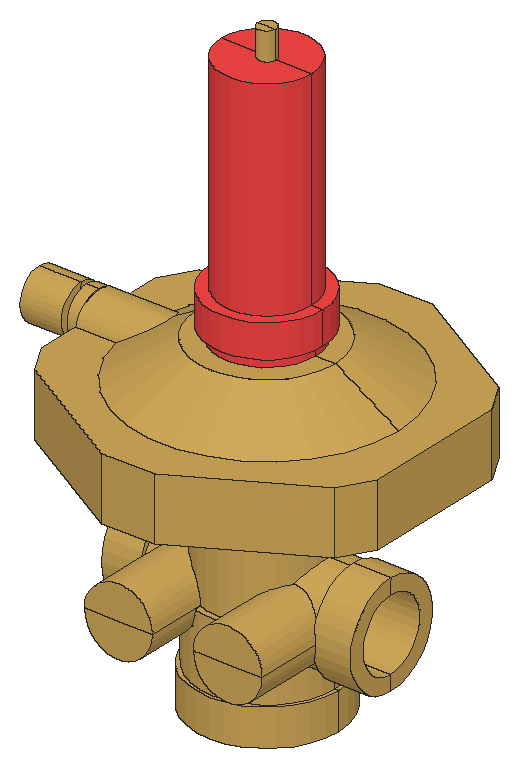
Revit family "Differenzdruckregler 4202 25-60kPa", category Rohrzubehör, Revit 2020
Family settings
  Bemaßung runder Anschluss = Durchmesser verwenden
  Teiletyp = Unterbricht
  OmniClass-Nummer = 23.65.55.14
  OmniClass-Titel = Valves for Liquid Services
  Arbeitsebenenbasiert = Nein
  Immer vertikal = Ja
  Beim Laden mit Abzugskörper schneiden = Nein
  Gemeinsam genutzt = Nein
Parameters (values of type "Ohne Dämmung")
  y2 [instance] = K14 + K9 + H01  # 49.149 mm
  y1 [instance] = (R03 * 2) + R05  # 66.000 mm
  Vorgabe-Ansicht = 0.000 mm
  PN = 25  # constant formula
  Min. Betriebstemperatur (Frostschutz) = -20 °C  # constant formula
  Max. zulässige Betriebstemperatur bis DN32 = 130 °C  # constant formula
  Max. zulässige Betriebstemperatur DN40 - DN50 = 110 °C  # constant formula
  Max. Differenzdruck am Gehäuse = 400000.0 Pa  # constant formula
  Max. Betriebsdruck = 2500000.0 Pa  # constant formula
  Ventilschaft = "Edelstahl 14301"  # constant formula
  URL = "www.herz-armaturen.at"
  SCRNSEQ = "ARM;ARM_TYP=\"DIFR\";2"
  SCRNCODE = "05;03;4"  # constant formula
  S06 [instance] = 1.000 mm  # constant formula
  S05 [instance] = S01 - 1.000 mm  # 16.250 mm
  S04 [instance] = S02 - 1.000 mm  # 18.000 mm
  S03 [instance] = size_lookup("4202 25-60kPa", "S03", 26.500 mm, Nennweite)  # 25.600 mm
  S02 [instance] = size_lookup("4202 25-60kPa", "S02", 19.000 mm, Nennweite)  # 19.000 mm
  S01 [instance] = size_lookup("4202 25-60kPa", "S01", 17.250 mm, Nennweite)  # 17.250 mm
  Regleranschlussmutter = "Messing CW614N"  # constant formula
  Regelbereich = "25 - 60kPa"  # constant formula
  R06 [instance] = size_lookup("4202 25-60kPa", "R06", 14.500 mm, Nennweite)  # 14.500 mm
  R05 [instance] = size_lookup("4202 25-60kPa", "R05", 46.000 mm, Nennweite)  # 46.000 mm
  R04 [instance] = size_lookup("4202 25-60kPa", "R04", 12.500 mm, Nennweite)  # 12.500 mm
  R03 [instance] = size_lookup("4202 25-60kPa", "R03", 10.000 mm, Nennweite)  # 10.000 mm
  R02 = 14.500 mm  # constant formula
  R01 [instance] = size_lookup("4202 25-60kPa", "R01", 12.500 mm, Nennweite)  # 12.500 mm
  Min. Betriebstemperatur (reines Wasser) = 2 °C  # constant formula
  O-Ringe = "EPDM"  # constant formula
  Nennweite [instance] = 15.000 mm
  Membrangehäuse = "Messing CW602N"  # constant formula
  Membrane = "EPDM"  # constant formula
  Medium = "Wasserbeschaffenheit nach ÖNORM H 5195 und VDI 2035\r\nDie Verwendung von Ethylen- und Propylenglykol ist im\r\nMischungsverhältnis 25 - 50 Vol.-% zulässig."
  L2 [instance] = size_lookup("4202 25-60kPa", "L2", 161.000 mm, Nennweite)  # 161.000 mm
  L [instance] = size_lookup("4202 25-60kPa", "L", 66.000 mm, Nennweite)  # 66.000 mm
  K9 = 4.000 mm  # constant formula
  K8 = 55.000 mm  # constant formula
  K7 = 8.700 mm  # constant formula
  K6 = 11.700 mm  # constant formula
  K5 = 13.000 mm  # constant formula
  K4 = 12.000 mm  # constant formula
  K3 = 15.000 mm  # constant formula
  K2 = 2.350 mm  # constant formula
  K18 = 89.000 mm  # constant formula
  K17 = 66.700 mm  # constant formula
  K16 = 3.000 mm  # constant formula
  K15 = 26.649 mm  # constant formula
  K14 = 16.649 mm  # constant formula
  K13 = 16.649 mm  # constant formula
  K12 = 10.000 mm  # constant formula
  K11 = 35.000 mm  # constant formula
  K10 = 18.250 mm  # constant formula
  K1.1 = 2.350 mm  # constant formula
  K1 = 7.651 mm  # constant formula
  J9 = 15.700 mm  # constant formula
  J8 = 7.850 mm  # constant formula
  J7 = 15.897 mm  # constant formula
  J6 = 3.900 mm  # constant formula
  J5 = 6.500 mm  # constant formula
  J4 = 1.500 mm  # constant formula
  J3 = 3.200 mm  # constant formula
  J2 = 11.000 mm  # constant formula
  J11 = 3.500 mm  # constant formula
  J10 = 18.897 mm  # constant formula
  J1 = 6.500 mm  # constant formula
  Hersteller = "HERZ-Armaturen Ges.m.b.H"  # constant formula
  H2 [instance] = size_lookup("4202 25-60kPa", "H2", 28.000 mm, Nennweite)  # 28.000 mm
  H1 [instance] = K1 + K2 + K3 + K4 + K5 + K7 + K8 + K16 + 16.650 mm  # 133.351 mm
  H04 = 4.000 mm  # constant formula
  H03 = 9.800 mm  # constant formula
  H02 [instance] = size_lookup("4202 25-60kPa", "H02", 53.000 mm, Nennweite)  # 53.000 mm
  H01 [instance] = size_lookup("4202 25-60kPa", "H01", 25.000 mm, Nennweite)  # 28.500 mm
  Gehäuse = "DZR Messing CC770S"  # constant formula
  G03 [instance] = size_lookup("4202 25-60kPa", "G03", 13.200 mm, Nennweite)  # 13.200 mm
  G02 [instance] = size_lookup("4202 25-60kPa", "G02", 9.500 mm, Nennweite)  # 9.500 mm
  G01 [instance] = size_lookup("4202 25-60kPa", "G01", 13.500 mm, Nennweite)  # 13.500 mm
  Einstellspindel = "Messing CW614N"  # constant formula
  Hinweise zum Material = "Gemäß Art 33 der REACH-Verordnung (EG Nr. 1907/2006) sind wir verpflichtet, darauf hinzuweisen,\r\ndass der Stoff Blei auf der SVHC-Liste geführt wird und dass alle aus Messing bestehenden Bauteile,\r\ndie in unseren Erzeugnissen verarbeitet sind, mehr als 0,1 % (w/w) Blei (CAS: 7439-92-1 / EINECS:\r\n231-100-4) enthalten. Da Blei als Legierungsbestandteil fest gebunden ist, sind keine Expositionen zu\r\nerwarten und daher sind keine zusätzlichen Angaben zur sicheren Verwendung notwendig.\r\n\r\nIm Hanf enthaltenes Ammoniak schädigt\r\nMessingventilgehäuse, EPDM Dichtungen werden durch\r\nMineralöle bzw. mineralölhaltige Schmierstoffe aufgequollen\r\nund führen somit zum Ausfall der EPDM-Dichtungen. Für\r\nFrost- und Korrosionsschutzmittel auf der Basis von Ethylen- und Propylenglykol sind die entsprechenden\r\nAngaben den Unterlagen des Herstellers zu entnehmen."
  Dämmung = no
  Dämmschale = "EPP (expandiertes Polypropylen)"  # constant formula
  Druckfeder = "Federstahl 14310 NS"  # constant formula
  DN50 [instance] = Nennweite = 50.000 mm  # no
  DN40 [instance] = Nennweite = 40.000 mm  # no
  DN32-40 [instance] = or(Nennweite = 32.000 mm, Nennweite = 40.000 mm)  # no
  DN32 [instance] = Nennweite = 32.000 mm  # no
  DN25,32,40 [instance] = or(Nennweite = 25.000 mm, Nennweite = 32.000 mm, Nennweite = 40.000 mm)  # no
  DN25 [instance] = Nennweite = 25.000 mm  # no
  DN20 [instance] = Nennweite = 20.000 mm  # no
  DN15-25 [instance] = or(Nennweite = 15.000 mm, Nennweite = 20.000 mm, Nennweite = 25.000 mm)  # yes
  DN15,20,50 [instance] = or(Nennweite = 15.000 mm, Nennweite = 20.000 mm, Nennweite = 50.000 mm)  # yes
  DN15 [instance] = Nennweite = 15.000 mm  # yes
  D07 [instance] = if(Nennweite = 15.000 mm, 32.500 mm, if(Nennweite = 20.000 mm, 33.500 mm, if(Nennweite = 25.000 mm, 33.500 mm, if(Nennweite = 32.000 mm, 49.500 mm, if(Nennweite = 40.000 mm, 59.500 mm, if(Nennweite = 50.000 mm, 59.500 mm, 0.000 mm))))))  # 32.500 mm
  D06 [instance] = if(Nennweite = 15.000 mm, 32.500 mm, if(Nennweite = 20.000 mm, 33.500 mm, if(Nennweite = 25.000 mm, 33.500 mm, if(Nennweite = 32.000 mm, 49.500 mm, if(Nennweite = 40.000 mm, 59.500 mm, if(Nennweite = 50.000 mm, 59.500 mm, 0.000 mm))))))  # 32.500 mm
  D05 [instance] = if(Nennweite = 15.000 mm, 36.750 mm, if(Nennweite = 20.000 mm, 40.700 mm, if(Nennweite = 25.000 mm, 49.200 mm, if(Nennweite = 32.000 mm, 54.150 mm, if(Nennweite = 40.000 mm, 60.750 mm, if(Nennweite = 50.000 mm, 72.700 mm, 0.000 mm))))))  # 36.750 mm
  D04 [instance] = if(Nennweite = 15.000 mm, 78.500 mm, if(Nennweite = 20.000 mm, 82.000 mm, if(Nennweite = 25.000 mm, 84.000 mm, if(Nennweite = 32.000 mm, 120.000 mm, if(Nennweite = 40.000 mm, 130.000 mm, if(Nennweite = 50.000 mm, 130.500 mm, 0.000 mm))))))  # 78.500 mm
  D03 [instance] = if(Nennweite = 15.000 mm, 96.000 mm, if(Nennweite = 20.000 mm, 110.000 mm, if(Nennweite = 25.000 mm, 112.000 mm, if(Nennweite = 32.000 mm, 152.000 mm, if(Nennweite = 40.000 mm, 170.000 mm, if(Nennweite = 50.000 mm, 179.000 mm, 0.000 mm))))))  # 96.000 mm
  D02 [instance] = size_lookup("4202 25-60kPa", "R05", 41.000 mm, Nennweite)  # 46.000 mm
  D01 [instance] = size_lookup("4202 25-60kPa", "G01", 13.220 mm, Nennweite)  # 13.500 mm
  Bestellnummer Dämmung [instance] = if(and(Dämmung, Nennweite = 15.000 mm), 1409611, if(and(Dämmung, Nennweite = 20.000 mm), 1409612, if(and(Dämmung, Nennweite = 25.000 mm), 1409613, if(and(Dämmung, Nennweite = 32.000 mm), 1409614, if(and(Dämmung, Nennweite = 40.000 mm), 1409615, if(and(Dämmung, Nennweite = 50.000 mm), 1409616, 0))))))  # 0
  Bestellnummer [instance] = if(Nennweite = 15.000 mm, 1420261, if(Nennweite = 20.000 mm, 1420262, if(Nennweite = 25.000 mm, 1420263, if(Nennweite = 32.000 mm, 1420264, if(Nennweite = 40.000 mm, 1420265, if(Nennweite = 50.000 mm, 1420266, 0))))))  # 1420261
  B2 [instance] = size_lookup("4202 25-60kPa", "B2", 31.000 mm, Nennweite)  # 31.000 mm
  B1 [instance] = size_lookup("4202 25-60kPa", "B1", 26.000 mm, Nennweite)  # 26.000 mm
  B04 = 100.649 mm  # constant formula
  B03 = 44.500 mm  # constant formula
  B02 = 104.688 mm  # constant formula
  B01 = 10.000 mm  # constant formula
  Anzeigehülse = "Kunststoff (Rot)"  # constant formula
  Anwendungsgebiet = "Der Differenzdruckregler ist ein Regler mit linearer Kennlinie in Geradsitzausführung und arbeitet ohne\r\nHilfsenergie. Der gewünschte Differenzdruck-Sollwert kann zwischen 5 und 30 kPa; 25 und 60 kPa bzw.\r\n45 und 80 kPa stufenlos eingestellt werden. Der eingestellte Wert ist mit Hilfe des Einstelldiagrammes\r\nablesbar. Werksseitig ist der Sollwert auf Minimum eingestellt. Der erforderliche Sollwert wird mit dem\r\nEinstellwerkzeug (1 4006 02) eingestellt. Im Lieferumfang enthalten ist die Impulsleitung (1000 mm),\r\ndiese ist im Vorlauf einzubinden."
  Anschlussnippel = "Messing CW602N"  # constant formula
Types (2, lengths in mm): name | Dämmung | Bestellnummer Dämmung
  Ohne Dämmung | no | 0
  Mit Dämmung | yes | 1409611
Reference planes
  plane 1 "Mitte (Vorne/hinten)": y = 0
  plane 2: z = 0
  plane 3 "Mitte (Links/rechts)": x = 0
Forms (mm)
  Revolve 1, solid, material "Messing, weicher Gelbton, geschweißt", detail levels fine
    sketch origin (0, 0, 0) x (1, 0, 0) y (0, 0, 1)
      loop
        line (-19.8, 0) -> (19.8, 0) -> (19.8, 9.5) -> (33, 9.5) -> (33, 13.5) -> (23, 13.5) -> (23, 12.5) -> (-23, 12.5) -> (-23, 13.5) -> (-33, 13.5) -> (-33, 9.5) -> (-19.8, 9.5) -> (-19.8, 0)
      axis (-33, 0) -> (33, 0)
    angle from 0 to 360
  Revolve 2, solid, material "Messing, weicher Gelbton, geschweißt", detail levels fine
    sketch origin (0, 0, 0) x (1, 0, 0) y (0, 0, 1)
      loop
        line (0, -28) -> (0, 0) -> (-18, 0) -> (-18, -18.2) -> (-19, -18.2) -> (-19, -28) -> (0, -28)
      axis (0, 0) -> (0, -28)
    angle from 0 to 360
  Extrusion 3, solid, material "Messing, weicher Gelbton, geschweißt", detail levels fine
    sketch origin (0, 0, 0) x (0, -1, 0) y (1, 0, 0)
      loop
        line (-46, -7.038) -> (-27.114, -39.75) -> (-18.886, -44.5) -> (18.886, -44.5) -> (27.114, -39.75) -> (46, -7.038) -> (46, 7.038) -> (27.114, 39.75) -> (18.886, 44.5) -> (-18.886, 44.5) -> (-27.114, 39.75) -> (-46, 7.038) -> (-46, -7.038)
    from 32.5 to 49.149
  Revolve 4, solid, material "Messing, weicher Gelbton, geschweißt", detail levels fine
    sketch origin (0, 0, -7.051) x (1, 0, 0) y (0, 0, 1)
      loop
        line (0, 56.2) -> (0, 66.2) -> (-18.25, 66.2) -> (-35, 56.2) -> (0, 56.2)
      axis (0, 66.2) -> (0, 56.2)
    angle from 0 to 360
  Revolve 5, solid, material "Messing, weicher Gelbton, geschweißt", visible <- "DN15-25", detail levels fine
    sketch origin (-11, 0, 0) x (1, 0, 0) y (0, 1, 0)
      loop
        line (-1.5, 26) -> (-9.2, 26) -> (-9.2, 0) -> (-1.5, 0) -> (-1.5, 26)
      axis (-1.5, 0) -> (-1.5, 26)
    angle from 0 to 360
  Revolve 6, solid, material "Messing, weicher Gelbton, geschweißt", visible <- "DN15,20,50", detail levels fine
    sketch origin (-0.988, 0, -6.853) x (-1, 0, 0) y (0, 0, 1)
      loop
        line (43.5, 55.25) -> (59.2, 55.25) -> (59.2, 61.75) -> (48.2, 61.75) -> (48.2, 59.15) -> (46.7, 59.15) -> (46.7, 61.75) -> (43.5, 61.75) -> (43.5, 55.25)
      axis (43.5, 55.25) -> (59.2, 55.25)
    angle from 0 to 360
  Extrusion 7, solid, material "Messing, weicher Gelbton, geschweißt", visible <- "DN15,20,50", detail levels fine
    sketch origin (0, 0, 0) x (0, 1, 0) y (0, 0, -1)
      loop
        line (7.85, -47.047) -> (7.85, -36) -> (-7.85, -36) -> (-7.85, -47.047)
        arc (-7.85, -47.047) -> (0, -54.897) -> (7.85, -47.047) r 7.85
    from 0 to 44.5
  Revolve 8, solid, material "Kunsstoff rot", detail levels fine
    sketch origin (0, 0, 0) x (1, 0, 0) y (0, 0, 1)
      loop
        line (-12, 125.849) -> (-12, 70.849) -> (-15, 70.849) -> (-15, 62.149) -> (-13, 62.149) -> (-13, 59.149) -> (0, 59.149) -> (0, 125.849) -> (-12, 125.849)
      axis (0, 125.849) -> (0, 59.149)
    angle from 0 to 360
  Revolve 9, solid, material "Messing, weicher Gelbton, geschweißt", visible <- "DN15-25", detail levels fine
    sketch origin (-2, 0, 0) x (1, 0, 0) y (0, 1, 0)
      loop
        line (-12.5, 0) -> (-21.5, 0) -> (-21.5, -31) -> (-12.5, -31) -> (-12.5, 0)
      axis (-12.5, 0) -> (-12.5, -31)
    angle from 0 to 360
  Revolve 10, solid, material "Messing, weicher Gelbton, geschweißt", visible <- "DN15-25", detail levels fine
    sketch origin (2, 0, 0) x (1, 0, 0) y (0, 1, 0)
      loop
        line (12.5, 0) -> (12.5, -31) -> (21.6, -31) -> (21.6, 0) -> (12.5, 0)
      axis (12.5, 0) -> (12.5, -31)
    angle from 0 to 360
  Extrusion 11, solid, material "Messing, weicher Gelbton, geschweißt", visible <- "DN32", detail levels fine
    sketch origin (-31.5, 0, 0) x (1, 0, 0) y (0, 1, 0)
      loop
        circle (63, 0) r 6.578
      loop
        circle (63, 0) r 3.28
    from -47 to 0
  Extrusion 12, solid, material "Messing, weicher Gelbton, geschweißt", visible <- "DN32", detail levels fine
    sketch origin (31.5, 0, 0) x (-1, 0, 0) y (0, -1, 0)
      loop
        circle (63, 0) r 6.578
      loop
        circle (63, 0) r 3.28
    from -47 to 0
  Revolve 13, solid, material "Messing, weicher Gelbton, geschweißt", detail levels fine
    sketch origin (0, 0, 0) x (1, 0, 0) y (0, 0, 1)
      loop
        line (-16.25, 0) -> (0, 0) -> (0, 32.5) -> (-12.25, 32.5) -> (-12.25, 28.5) -> (-17.25, 28.5) -> (-17.25, 18.7) -> (-16.25, 18.7) -> (-16.25, 0)
      axis (0, 32.5) -> (0, 0)
    angle from 0 to 360
  Extrusion 14, solid, material "Messing, weicher Gelbton, geschweißt", visible <- "DN40", detail levels fine
    sketch origin (29.382, 0, 0) x (-1, 0, 0) y (0, -1, 0)
      loop
        circle (63, 0) r 6.578
      loop
        circle (63, 0) r 3.28
    from -58 to 0
  Extrusion 15, solid, material "Messing, weicher Gelbton, geschweißt", visible <- "DN40", detail levels fine
    sketch origin (-29.455, 0, 0) x (1, 0, 0) y (0, 1, 0)
      loop
        circle (63, 0) r 6.578
      loop
        circle (63, 0) r 3.28
    from -58 to 0
  Extrusion 16, solid, material "Messing, weicher Gelbton, geschweißt", visible <- "DN50", detail levels fine
    sketch origin (28.422, 0, 0) x (-1, 0, 0) y (0, -1, 0)
      loop
        circle (63, 0) r 6.578
      loop
        circle (63, 0) r 3.28
    from -58 to 0
  Extrusion 17, solid, material "Messing, weicher Gelbton, geschweißt", visible <- "DN50", detail levels fine
    sketch origin (-28.422, 0, 0) x (1, 0, 0) y (0, 1, 0)
      loop
        circle (63, 0) r 6.578
      loop
        circle (63, 0) r 3.28
    from -58 to 0
  Revolve 18, solid, material "Messing, weicher Gelbton, geschweißt", detail levels fine
    sketch origin (0, 0, 0) x (1, 0, 0) y (0, 0, 1)
      loop
        line (-2.35, 125.349) -> (0, 125.349) -> (0, 133) -> (-2.35, 133) -> (-2.35, 125.349)
      axis (0, 133) -> (0, 125.349)
    angle from 0 to 360
  Revolve 19, solid, material "Messing, weicher Gelbton, geschweißt", visible <- "DN32-40", detail levels fine
    sketch origin (-11, 0, 0) x (1, 0, 0) y (0, 1, 0)
      loop
        line (-1.5, -26) -> (-1.5, 0) -> (-9.2, 0) -> (-9.2, -26) -> (-1.5, -26)
      axis (-1.5, 0) -> (-1.5, -26)
    angle from 0 to 360
  Revolve 20, solid, material "Messing, weicher Gelbton, geschweißt", visible <- "DN25,32,40", detail levels fine
    sketch origin (0.988, 0, 20.147) x (1, 0, 0) y (0, 0, 1)
      loop
        line (43.5, 28.25) -> (59.2, 28.25) -> (59.2, 34.75) -> (48.2, 34.75) -> (48.2, 32.15) -> (46.7, 32.15) -> (46.7, 34.75) -> (43.5, 34.75) -> (43.5, 28.25)
      axis (43.5, 28.25) -> (59.2, 28.25)
    angle from 0 to 360
  Extrusion 21, solid, material "Messing, weicher Gelbton, geschweißt", visible <- "DN25", detail levels fine
    sketch origin (0, 0, 0) x (0, 1, 0) y (0, 0, 1)
      loop
        arc (7.85, 48.047) -> (0, 55.897) -> (-7.85, 48.047) r 7.85
        line (-7.85, 48.047) -> (-7.85, 37) -> (7.85, 37) -> (7.85, 48.047)
    from 0 to 44.5
  Extrusion 22, solid, material "Messing, weicher Gelbton, geschweißt", visible <- "DN32", detail levels fine
    sketch origin (0, 0, 0) x (0, 1, 0) y (0, 0, 1)
      loop
        arc (7.85, 64.047) -> (0, 71.897) -> (-7.85, 64.047) r 7.85
        line (-7.85, 64.047) -> (-7.85, 53) -> (7.85, 53) -> (7.85, 64.047)
    from 0 to 44.5
  Extrusion 23, solid, material "Messing, weicher Gelbton, geschweißt", visible <- "DN40", detail levels fine
    sketch origin (0, 0, 0) x (0, 1, 0) y (0, 0, 1)
      loop
        arc (7.85, 74.047) -> (0, 81.897) -> (-7.85, 74.047) r 7.85
        line (-7.85, 74.047) -> (-7.85, 63) -> (7.85, 63) -> (7.85, 74.047)
    from 0 to 44.5
  Revolve 24, solid, material "Kunststoff-Anthrazig/Schwarz", visible <- "Dämmung"
    sketch origin (0, 0, 0) x (1, 0, 0) y (0, 0, 1)
      loop
        line (0, -46) -> (36.75, -46) -> (36.75, 32.5) -> (0, 32.5) -> (0, -46)
      axis (0, 32.5) -> (0, -46)
    angle from 0 to 360
  Revolve 25, solid, material "Kunststoff-Anthrazig/Schwarz", visible <- "Dämmung"
    sketch origin (0, 0, 0) x (1, 0, 0) y (0, 0, 1)
      loop
        line (48, 32.5) -> (-48, 32.5) -> (-48, 13.5) -> (-23, 13.5) -> (-23, 0) -> (0, 0) -> (23, 0) -> (23, 13.5) -> (48, 13.5) -> (48, 32.5)
      axis (-48, 0) -> (48, 0)
    angle from 0 to 360
Lines and regions (mm)
  model lines, detail levels coarse+medium
    curve 1: line (33, -13.5, 0) -> (33, 13.5, 0)
    curve 2: line (33, 13.5, 0) -> (-33, -13.5, 0)
    curve 3: line (-33, -13.5, 0) -> (-33, 13.5, 0)
    curve 4: line (-33, 13.5, 0) -> (33, -13.5, 0)
    curve 5: spline (-44.5, -40.824, 0) -> (-42.984, -38.67, 0) -> (-38.538, -36.662, 0) -> (-31.466, -34.938, 0) -> (-22.25, -33.615, 0) -> (-11.517, -32.784, 0) -> (0, -32.5, 0) -> (11.517, -32.784, 0) -> (22.25, -33.615, 0) -> (31.466, -34.938, 0) -> (38.538, -36.662, 0) -> (42.984, -38.67, 0) -> (44.5, -40.825, 0) -> (42.984, -42.979, 0) -> (38.538, -44.987, 0) -> (31.466, -46.711, 0) -> (22.25, -48.034, 0) -> (11.517, -48.865, 0) -> (0, -49.149, 0) -> (-11.517, -48.865, 0) -> (-22.25, -48.034, 0) -> (-31.466, -46.711, 0) -> (-38.538, -44.987, 0) -> (-42.984, -42.979, 0) -> (-44.5, -40.824, 0)
    curve 6: line (-33, 0, 13.5) -> (-33, 0, -13.5)
    curve 7: line (-33, 0, -13.5) -> (33, 0, 13.5)
    curve 8: line (33, 0, 13.5) -> (33, 0, -13.5)
    curve 9: line (33, 0, -13.5) -> (-33, 0, 13.5)
    curve 10: line (0, 0, 13.5) -> (0, 0, 32.5)
    curve 11: spline (-44.5, 0, 40.825) -> (-42.984, 0, 42.979) -> (-38.538, 0, 44.987) -> (-31.466, 0, 46.711) -> (-22.25, 0, 48.034) -> (-11.517, 0, 48.865) -> (0, 0, 49.149) -> (11.517, 0, 48.865) -> (22.25, 0, 48.034) -> (31.466, 0, 46.711) -> (38.538, 0, 44.987) -> (42.984, 0, 42.979) -> (44.5, 0, 40.824) -> (42.984, 0, 38.67) -> (38.538, 0, 36.662) -> (31.466, 0, 34.938) -> (22.25, 0, 33.615) -> (11.517, 0, 32.784) -> (0, 0, 32.5) -> (-11.517, 0, 32.784) -> (-22.25, 0, 33.615) -> (-31.466, 0, 34.938) -> (-38.538, 0, 36.662) -> (-42.984, 0, 38.67) -> (-44.5, 0, 40.825)
    curve 12: line (0, 0, 13.5) -> (16.5, 0, 6.75)
    curve 13: line (0, 0, 13.5) -> (-16.5, 0, 6.75)
    curve 14: line (33, 0, 0) -> (63, 0, 0)
    curve 15: line (-33, 0, 0) -> (-63, 0, 0)
    curve 16: line (0, -19, 0) -> (-16.5, -6.75, 0)
    curve 17: line (0, -19, 0) -> (16.5, -6.75, 0)
  model lines
    curve 18: line (0, -19, 0) -> (0, -32.5, 0)
Dimensions and locks
  "G01": Revolve 1 sketch curve to Revolve 1 sketch curve  (x2)
  "R01": Revolve 1 sketch curve to Revolve 1 sketch curve
  "R03": Revolve 1 sketch curve to Revolve 1 sketch curve  (x2)
  "K10": Revolve 4 sketch curve to Revolve 4 sketch curve
  "K11": Revolve 4 sketch curve to Revolve 4 sketch curve
  "B1": Revolve 5 sketch curve to Revolve 5 sketch curve
  "J1": Revolve 6 sketch curve to Revolve 6 sketch curve
  "J3": Revolve 6 sketch curve to Revolve 6 sketch curve
  "J4": Revolve 6 sketch curve to Revolve 6 sketch curve
  "J2": Revolve 6 sketch curve to Revolve 6 sketch curve
  "J5": Revolve 6 sketch curve to Revolve 6 sketch curve
  "J6": Revolve 6 sketch curve to Revolve 6 sketch curve
  "H2": plane 2 to Revolve 2 sketch curve
  "H03": Revolve 2 sketch curve to Revolve 2 sketch curve
  "S02": plane 3 "Mitte (Links/rechts)" to Revolve 2 sketch curve
  "B02": Revolve 6 to Extrusion 3
  "B03": Extrusion 3 to plane 3 "Mitte (Links/rechts)"
  "R04": Revolve 5 sketch curve to plane 3 "Mitte (Links/rechts)"
  "K4": Revolve 8 sketch curve to Revolve 8 sketch curve
  "K3": Revolve 8 sketch curve to Revolve 8 sketch curve
  "K7": Revolve 8 sketch curve to Revolve 8 sketch curve
  "K5": Revolve 8 sketch curve to Revolve 8 sketch curve
  "K8": Revolve 8 sketch curve to Revolve 8 sketch curve
  "K12": Revolve 4 sketch curve to Revolve 4 sketch curve
  "K13": Revolve 4 sketch curve to Extrusion 3
  "K14": Extrusion 3 to Extrusion 3
  "K16": Revolve 8 sketch curve to Revolve 8 sketch curve
  "K15": Revolve 8 to Extrusion 3
  "R05": Revolve 1 sketch curve to Revolve 1 sketch curve
  equal spacing: Revolve 1 sketch curve, plane 3 "Mitte (Links/rechts)", Revolve 1 sketch curve
  "B2": plane 1 "Mitte (Vorne/hinten)" to Revolve 9 sketch curve
  "B2": Revolve 10 sketch curve to plane 1 "Mitte (Vorne/hinten)"
  "R06": Revolve 9 sketch curve to plane 3 "Mitte (Links/rechts)"
  "R06": plane 3 "Mitte (Links/rechts)" to Revolve 10 sketch curve
  "S01": Revolve 13 sketch curve to plane 3 "Mitte (Links/rechts)"
  "S05": plane 3 "Mitte (Links/rechts)" to Revolve 13 sketch curve
  "H04": Revolve 13 sketch curve to Revolve 13 sketch curve
  "H03": Revolve 13 sketch curve to Revolve 13 sketch curve
  "H01": Revolve 13 sketch curve to plane 2
  "K9": Extrusion 3 to Revolve 13
  "S06": Revolve 2 sketch curve to Revolve 2 sketch curve
  "J7": Revolve 6 sketch curve to Extrusion 3
  "J9": Extrusion 7 sketch curve to Extrusion 7 sketch curve
  "J10": Revolve 6 to Extrusion 7 sketch curve
  "J11": Extrusion 7 sketch curve to Extrusion 3
  equal spacing: curve 6, curve 5, curve 8
  "K18": Extrusion 3 to Extrusion 3
  "G01": curve 9 to plane 2
  "G01": plane 2 to curve 7
  "G01": curve 8 to plane 2
  "G01": plane 2 to curve 9
  "K18": curve 11 to curve 11
  "G01": curve 13 to plane 2
  "K14": curve 11 to curve 11
  "y2": curve 11 to plane 2
  "G01": plane 1 "Mitte (Vorne/hinten)" to curve 4
  "G01": curve 3 to plane 1 "Mitte (Vorne/hinten)"
  equal spacing: curve 3, curve 11, curve 1
  equal spacing: curve 3, curve 17, curve 1
  "y1": curve 3 to curve 1
  "G01": plane 1 "Mitte (Vorne/hinten)" to curve 2
  "G01": curve 4 to plane 1 "Mitte (Vorne/hinten)"
  "K18": curve 5 to curve 5
  "K14": curve 5 to curve 5
  "y2": curve 5 to plane 1 "Mitte (Vorne/hinten)"
  "K1.1": plane 3 "Mitte (Links/rechts)" to Revolve 18 sketch curve
  "B1": Revolve 19 sketch curve to Revolve 19 sketch curve
  "R04": Revolve 19 sketch curve to plane 3 "Mitte (Links/rechts)"
  "G02": Revolve 1 sketch curve to plane 2  (x2)
  "G03": Revolve 1 sketch curve to Revolve 1 sketch curve  (x2)
  Revolve 1 sketch curve to Revolve 1 sketch curve = 66.000 mm
  Revolve 1 to Revolve 1 = 66.000 mm
  "L2": Revolve 18 to Revolve 2
  "J1": Revolve 20 sketch curve to Revolve 20 sketch curve
  "J3": Revolve 20 sketch curve to Revolve 20 sketch curve
  "J4": Revolve 20 sketch curve to Revolve 20 sketch curve
  "J2": Revolve 20 sketch curve to Revolve 20 sketch curve
  "J5": Revolve 20 sketch curve to Revolve 20 sketch curve
  "J6": Revolve 20 sketch curve to Revolve 20 sketch curve
  "J7": Revolve 20 sketch curve to Extrusion 3
  "J9": Extrusion 21 sketch curve to Extrusion 21 sketch curve
  "J9": Extrusion 22 sketch curve to Extrusion 22 sketch curve
  "J9": Extrusion 23 sketch curve to Extrusion 23 sketch curve
  "L": curve 6 to curve 8
  equal spacing: Revolve 1, curve 13, plane 3 "Mitte (Links/rechts)"
  equal spacing: plane 3 "Mitte (Links/rechts)", curve 12, Revolve 1
  equal spacing: curve 3, curve 16, plane 3 "Mitte (Links/rechts)"
  equal spacing: plane 3 "Mitte (Links/rechts)", curve 17, curve 1
  "D04": Revolve 24 sketch curve to Revolve 24 sketch curve
  "D05": Revolve 24 sketch curve to Revolve 24 sketch curve
  "D06": Revolve 24 sketch curve to plane 2
  "D07": Revolve 25 sketch curve to plane 2
  "D01": Revolve 25 sketch curve to plane 2  (x2)
  "D03": Revolve 25 sketch curve to Revolve 25 sketch curve
  Revolve 25 sketch curve to Revolve 25 sketch curve = 46.000 mm
  "D02": Revolve 25 sketch curve to Revolve 25 sketch curve
  equal spacing: Revolve 25 sketch curve, plane 3 "Mitte (Links/rechts)", Revolve 25 sketch curve  (x2)
  "J8": radius of Extrusion 7 sketch curve
  "J8": radius of Extrusion 21 sketch curve
  "J8": radius of Extrusion 22 sketch curve
  "J8": radius of Extrusion 23 sketch curve
  aligned and locked: level to plane 2
Automatic sketch dimensions
  plane 3 "Mitte (Links/rechts)" to Extrusion 3 sketch curve = 7.038 mm  (x2)
  Extrusion 3 sketch curve to plane 1 "Mitte (Vorne/hinten)" = 46.000 mm
  Extrusion 3 sketch curve to plane 1 "Mitte (Vorne/hinten)" = 27.114 mm  (x2)
  Extrusion 3 sketch curve to Extrusion 3 sketch curve = 8.227 mm  (x4)
  plane 1 "Mitte (Vorne/hinten)" to Extrusion 3 sketch curve = 18.886 mm  (x2)
  Extrusion 3 sketch curve to Extrusion 3 sketch curve = 18.886 mm
  Extrusion 3 sketch curve to plane 3 "Mitte (Links/rechts)" = 7.038 mm  (x2)
  Extrusion 3 sketch curve to Extrusion 3 sketch curve = 32.712 mm  (x4)
  Extrusion 3 sketch curve to Extrusion 3 sketch curve = 4.750 mm  (x2)
  Extrusion 11 sketch curve to Extrusion 11 sketch curve = 0.000 mm  (x2)
  plane 1 "Mitte (Vorne/hinten)" to Extrusion 11 sketch curve = 0.000 mm
  plane 3 "Mitte (Links/rechts)" to Extrusion 11 sketch curve = 31.500 mm
  Extrusion 12 sketch curve to Extrusion 12 sketch curve = 0.000 mm  (x2)
  plane 1 "Mitte (Vorne/hinten)" to Extrusion 12 sketch curve = 0.000 mm
  plane 3 "Mitte (Links/rechts)" to Extrusion 12 sketch curve = 31.500 mm
  Extrusion 14 sketch curve to Extrusion 14 sketch curve = 0.000 mm  (x2)
  plane 1 "Mitte (Vorne/hinten)" to Extrusion 14 sketch curve = 0.000 mm
  plane 3 "Mitte (Links/rechts)" to Extrusion 14 sketch curve = 33.618 mm
  Extrusion 15 sketch curve to Extrusion 15 sketch curve = 0.000 mm  (x2)
  plane 1 "Mitte (Vorne/hinten)" to Extrusion 15 sketch curve = 0.000 mm
  plane 3 "Mitte (Links/rechts)" to Extrusion 15 sketch curve = 33.545 mm
  Extrusion 16 sketch curve to Extrusion 16 sketch curve = 0.000 mm  (x2)
  plane 1 "Mitte (Vorne/hinten)" to Extrusion 16 sketch curve = 0.000 mm
  plane 3 "Mitte (Links/rechts)" to Extrusion 16 sketch curve = 34.578 mm
  Extrusion 17 sketch curve to Extrusion 17 sketch curve = 0.000 mm  (x2)
  plane 1 "Mitte (Vorne/hinten)" to Extrusion 17 sketch curve = 0.000 mm
  plane 3 "Mitte (Links/rechts)" to Extrusion 17 sketch curve = 34.578 mm
  curve 15 to level = 0.000 mm
  curve 10 to plane 3 "Mitte (Links/rechts)" = 0.000 mm
  curve 11 to plane 3 "Mitte (Links/rechts)" = 0.000 mm
  curve 14 to level = 0.000 mm
  curve 15 to curve 15 = 30.000 mm
  curve 14 to curve 14 = 30.000 mm
  curve 18 to plane 3 "Mitte (Links/rechts)" = 0.000 mm
  curve 5 to plane 3 "Mitte (Links/rechts)" = 0.000 mm
  curve 18 to curve 17 = 13.500 mm
  Revolve 1 sketch curve to level = 0.000 mm  (x2)
  Revolve 1 sketch curve to Revolve 1 sketch curve = 1473.530 mm
  Revolve 1 sketch curve to Revolve 1 sketch curve = 1806.148 mm
  Revolve 2 sketch curve to level = 0.000 mm
  Revolve 2 sketch curve to plane 3 "Mitte (Links/rechts)" = 0.000 mm  (x2)
  Revolve 2 sketch curve to Revolve 2 sketch curve = 1.000 mm
  Revolve 2 sketch curve to Revolve 2 sketch curve = 334.045 mm
  level to Revolve 2 sketch curve = 2218.015 mm
  Revolve 4 sketch curve to plane 3 "Mitte (Links/rechts)" = 0.000 mm  (x2)
  Revolve 4 sketch curve to level = 373.096 mm
  Revolve 4 sketch curve to Revolve 4 sketch curve = 2155.315 mm
  plane 1 "Mitte (Vorne/hinten)" to Revolve 5 sketch curve = 0.000 mm  (x2)
  Revolve 5 sketch curve to Revolve 5 sketch curve = 0.000 mm  (x2)
  Revolve 5 sketch curve to Revolve 5 sketch curve = 7.700 mm
  plane 3 "Mitte (Links/rechts)" to Revolve 6 sketch curve = 44.488 mm
  Revolve 6 sketch curve to Revolve 6 sketch curve = 0.000 mm  (x3)
  Extrusion 7 sketch curve to plane 1 "Mitte (Vorne/hinten)" = 0.000 mm
  Extrusion 7 sketch curve to Extrusion 7 sketch curve = 11.047 mm
  Extrusion 7 sketch curve to Extrusion 7 sketch curve = 0.000 mm
  Revolve 8 sketch curve to plane 3 "Mitte (Links/rechts)" = 0.000 mm  (x2)
  level to Revolve 8 sketch curve = 59.149 mm
  Revolve 8 sketch curve to Revolve 8 sketch curve = 0.000 mm  (x2)
  plane 1 "Mitte (Vorne/hinten)" to Revolve 9 sketch curve = 0.000 mm  (x2)
  Revolve 9 sketch curve to Revolve 9 sketch curve = 9.000 mm
  Revolve 9 sketch curve to Revolve 9 sketch curve = 0.000 mm  (x2)
  plane 1 "Mitte (Vorne/hinten)" to Revolve 10 sketch curve = 0.000 mm  (x2)
  Revolve 10 sketch curve to Revolve 10 sketch curve = 9.100 mm
  Revolve 10 sketch curve to Revolve 10 sketch curve = 0.000 mm  (x2)
  Revolve 13 sketch curve to level = 0.000 mm  (x2)
  Revolve 13 sketch curve to plane 3 "Mitte (Links/rechts)" = 0.000 mm  (x2)
  Revolve 13 sketch curve to Revolve 13 sketch curve = 5.000 mm
  Revolve 13 sketch curve to Revolve 13 sketch curve = 0.000 mm
  Revolve 18 sketch curve to plane 3 "Mitte (Links/rechts)" = 0.000 mm  (x2)
  level to Revolve 18 sketch curve = 125.349 mm
  Revolve 18 sketch curve to Revolve 18 sketch curve = 7.651 mm
  Revolve 18 sketch curve to Revolve 18 sketch curve = 0.000 mm  (x2)
  plane 1 "Mitte (Vorne/hinten)" to Revolve 19 sketch curve = 0.000 mm  (x2)
  Revolve 19 sketch curve to Revolve 19 sketch curve = 7.700 mm
  Revolve 19 sketch curve to Revolve 19 sketch curve = 0.000 mm  (x2)
  plane 3 "Mitte (Links/rechts)" to Revolve 20 sketch curve = 44.488 mm
  Revolve 20 sketch curve to Revolve 20 sketch curve = 0.000 mm  (x3)
  Extrusion 21 sketch curve to plane 1 "Mitte (Vorne/hinten)" = 0.000 mm
  level to Extrusion 21 sketch curve = 37.000 mm
  Extrusion 21 sketch curve to Extrusion 21 sketch curve = 11.047 mm
  Extrusion 21 sketch curve to Extrusion 21 sketch curve = 0.000 mm
  Extrusion 22 sketch curve to plane 1 "Mitte (Vorne/hinten)" = 0.000 mm
  level to Extrusion 22 sketch curve = 53.000 mm
  Extrusion 22 sketch curve to Extrusion 22 sketch curve = 11.047 mm
  Extrusion 22 sketch curve to Extrusion 22 sketch curve = 0.000 mm
  Extrusion 23 sketch curve to plane 1 "Mitte (Vorne/hinten)" = 0.000 mm
  level to Extrusion 23 sketch curve = 63.000 mm
  Extrusion 23 sketch curve to Extrusion 23 sketch curve = 11.047 mm
  Extrusion 23 sketch curve to Extrusion 23 sketch curve = 0.000 mm
  Revolve 24 sketch curve to plane 3 "Mitte (Links/rechts)" = 0.000 mm  (x2)
  Revolve 24 sketch curve to Revolve 24 sketch curve = 0.000 mm  (x2)
  Revolve 25 sketch curve to level = 0.000 mm  (x2)
  Revolve 25 sketch curve to plane 3 "Mitte (Links/rechts)" = 0.000 mm
  Revolve 25 sketch curve to Revolve 25 sketch curve = 0.000 mm  (x2)
  radius of Extrusion 11 sketch curve = 6.578 mm
  radius of Extrusion 11 sketch curve = 3.280 mm
  radius of Extrusion 12 sketch curve = 6.578 mm
  radius of Extrusion 12 sketch curve = 3.280 mm
  radius of Extrusion 14 sketch curve = 6.578 mm
  radius of Extrusion 14 sketch curve = 3.280 mm
  radius of Extrusion 15 sketch curve = 6.578 mm
  radius of Extrusion 15 sketch curve = 3.280 mm
  radius of Extrusion 16 sketch curve = 6.578 mm
  radius of Extrusion 16 sketch curve = 3.280 mm
  radius of Extrusion 17 sketch curve = 6.578 mm
  radius of Extrusion 17 sketch curve = 3.280 mm
Nested families
  nested 1: "Herz-Logo-vorne" at (-0.018, 17.815, -12.904) x (0, -1, 0) z (0, 0, 1), type "Herz-Logo-vorne", detail levels fine
  nested 2: "Herz-Logo-vorne" at (-0.018, 24.058, 0) x (0, -1, 0) z (0, 0, 1), visible <- "DN32", type "Herz-Logo-vorne", detail levels fine
  nested 3: "Herz-Logo-vorne" at (-0.018, 33.471, 0) x (0, -1, 0) z (0, 0, 1), visible <- "DN50", type "Herz-Logo-vorne", detail levels fine
  nested 4: "Herz-Logo-vorne" at (-0.018, 26.482, 0) x (0, -1, 0) z (0, 0, 1), visible <- "DN40", type "Herz-Logo-vorne", detail levels fine
Connectors
  piping at (33, 0, 0), diameter 15, driven by "Nennweite"
    settings: on Revolve 1, index 1, connector inside diameter 609.6 mm, connector length 0.000 mm, flow factor 0, pipe flow 0.0 L/s, pressure drop 0.0 Pa, fitting loss kfactor 0, connector angle 0.00°, fixture units 0, engagement length 0.000 mm, angle of deflection 0.00°, flow configuration 0, flow direction 2, fitting loss method 0, system type 29, joint type 0, gender type 0, connector reference index -1, connector utility 0, adjustable connector no, is connector primary yes, connector description ""
  piping at (-33, 0, 0), diameter 15, driven by "Nennweite"
    settings: on Revolve 1, index 2, connector inside diameter 609.6 mm, connector length 0.000 mm, flow factor 0, pipe flow 0.0 L/s, pressure drop 0.0 Pa, fitting loss kfactor 0, connector angle 0.00°, fixture units 0, engagement length 0.000 mm, angle of deflection 0.00°, flow configuration 0, flow direction 1, fitting loss method 0, system type 7, joint type 0, gender type 0, connector reference index -1, connector utility 0, adjustable connector no, is connector primary no, connector description ""
Definition of nested family "Herz-Logo-vorne"
  Parameters (values of type "Herz-Logo-vorne")
    Default Elevation = 0.000 mm
  Reference planes
    plane 1 "Mitte (Vorne/hinten)": y = 0
    plane 2: z = 0
    plane 3 "Mitte (Links/rechts)": x = 0
  Forms (mm)
    Extrusion 1, solid
      sketch origin (0.732, -0.018, 0.017) x (0, -1, 0) y (0, 0, 1)
        loop
          line (-0.018, -4.517) -> (4.482, -4.517) -> (4.482, 4.483) -> (-4.518, 4.483) -> (-4.518, -4.517) -> (-0.018, -4.517)
        loop
          line (-0.05, -3.48) -> (3.482, -3.48) -> (3.482, 3.483) -> (-3.518, 3.483) -> (-3.518, -3.48) -> (-0.05, -3.48)
        loop
          arc (-0.018, 2.383) -> (-1.543, 3.287) -> (-3.067, 2.383) r 1.738
          arc (-3.067, 2.383) -> (-3.191, 1.899) -> (-3.067, 1.415) r 1.009
          line (-3.067, 1.415) -> (-0.018, -3.281) -> (3.032, 1.415)
          arc (3.032, 1.415) -> (3.156, 1.899) -> (3.032, 2.383) r 1.009
          arc (3.032, 2.383) -> (1.507, 3.287) -> (-0.018, 2.383) r 1.738
        loop
          arc (1.885, 1.272) -> (2.005, 1.675) -> (1.885, 2.079) r 0.74
          arc (1.885, 2.079) -> (1.265, 2.416) -> (0.644, 2.079) r 0.74
          line (0.644, 2.079) -> (-0.018, 0.97) -> (-0.679, 2.079)
          arc (-0.679, 2.079) -> (-1.3, 2.416) -> (-1.921, 2.079) r 0.74
          arc (-1.921, 2.079) -> (-2.04, 1.675) -> (-1.921, 1.272) r 0.74
          line (-1.921, 1.272) -> (-0.018, -1.658) -> (1.885, 1.272)
      from 0 to 1.5
  Dimensions and locks
    aligned and locked: level to plane 2
